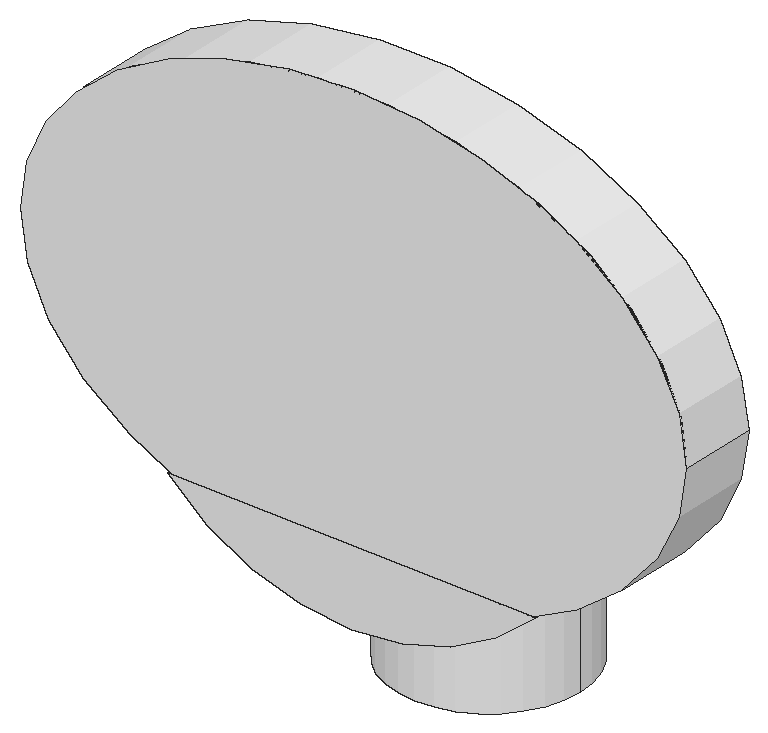
Revit family "Deca_Saboneteira Flex_2010.C.FLX_Parede", category Plumbing Fixtures, host Face, Revit 2010
Parameters (values of type "2010.C.FLX_Cromado CR10")
  Vendido Separadamente = ""
  Variações de COR = "Cromado (2010.C.FLX)"  # constant formula
  URL = "www.deca.com.br/produtos"
  Segmento = "Competitivo"  # constant formula
  Saboneteira = Deca CR10 Cromado
  Produto = "Saboneteira de parede Flex"  # constant formula
  Peso Liquido (Kg) = 0.24
  Norma = "ABNT NBR 10283: 2003"  # constant formula
  Model = Código  # "2010.C.FLX"
  Material = "Deca_Latão Cromado e Plástico de Engenharia"  # constant formula
  Manufacturer = "Deca"  # constant formula
  Louça/Metais = "Metal"  # constant formula
  Linha = "Flex"  # constant formula
  Informações Complementares = "Os parafusos e buchas que acompanham o produto devem ser utilzados apenas em paredes de concreto ou tijolo maciço. Para instalações em Drywall, consultar projetista ou engenheiro da obra."  # constant formula
  HWFU = 0
  Description = "Saboneteira de parede"  # constant formula
  Default Elevation = 800 mm
  Código = "2010.C.FLX"  # constant formula
  Criado por = "Contino/quattroD"  # constant formula
  Atendimento ao Cliente = "0800-0117073 "  # constant formula
  Assembly Code = "D2010"
  Aprovado por = "Contino/quattroD"  # constant formula
  Acompanha o Produto = ""
Reference planes
  plane 1 "Center (Front/Back)": y = 0
  plane 2: z = 0
  plane 3 "Center (Left/Right)": x = 0
  plane 4 "Front 1": z = 33.075
  plane 5 "Front 2": z = 126.656
  plane 6 "Right 1": x = 72.533
  plane 7 "Left 1": x = -72.598
  plane 8 "Top 1": y = 20
  plane 9 "Bottom 1": y = -36.672
Forms (mm)
  Extrusion 1, solid, material "Deca CR10 Cromado" <- "Saboneteira"
    sketch origin (0, 0, 0) x (1, 0, 0) y (0, 0, 1)
      loop
        spline (72.477, 78.04) -> (70.008, 90.562) -> (62.767, 102.23) -> (51.249, 112.25) -> (36.239, 119.938) -> (18.759, 124.771) -> (0, 126.42) -> (-18.759, 124.771) -> (-36.239, 119.938) -> (-51.249, 112.25) -> (-62.767, 102.23) -> (-70.008, 90.562) -> (-72.477, 78.04)
        spline (-72.477, 78.04) -> (-70.008, 65.519) -> (-62.767, 53.851) -> (-51.249, 43.831) -> (-36.239, 36.143) -> (-18.759, 31.31) -> (0, 29.661) -> (18.759, 31.31) -> (36.239, 36.143) -> (51.249, 43.831) -> (62.767, 53.851) -> (70.008, 65.519) -> (72.477, 78.04)
    from 20 to 36.672
  Extrusion 2, void
    sketch origin (0, 0, 0) x (1, 0, 0) y (0, 0, 1)
      loop
        circle (-12.108, 98.959) r 8.807
      loop
        circle (-36.059, 98.959) r 8.807
      loop
        circle (-48.056, 78.336) r 8.807
      loop
        circle (-24.016, 78.336) r 8.807
      loop
        circle (-12.038, 57.368) r 8.807
      loop
        circle (-36.08, 57.249) r 8.807
      loop
        circle (12.151, 57.305) r 8.807
      loop
        circle (24.028, 78.336) r 8.807
      loop
        circle (36.04, 98.959) r 8.807
      loop
        circle (12.223, 98.959) r 8.807
      loop
        circle (48.302, 78.336) r 8.807
      loop
        circle (36.216, 57.31) r 8.807
      loop
        circle (-0.074, 78.023) r 7.031
    from 20 to 21.079
  Extrusion 3, solid, material "Deca CR10 Cromado" <- "Saboneteira"
    sketch origin (0, 0, 0) x (1, 0, 0) y (0, 1, 0)
      loop
        circle (0, 0) r 20
    from 0 to 33.075
  Extrusion 4, solid, material "Deca CR10 Cromado" <- "Saboneteira"
    sketch origin (0, 0, 0) x (1, 0, 0) y (0, 0, 1)
      loop
        line (39.567, 37.503) -> (-40.433, 37.503)
        arc (-40.433, 37.503) -> (-0.433, 21.1) -> (39.567, 37.503) r 56.974
    from 22.087 to 36.672
Cuts and joins
  Extrusion 2 cuts Extrusion 1
Lines and regions (mm)
  Masking region 1
    outline origin (0, 0, 0) x (1, 0, 0) y (0, 1, 0)
      loop
        arc (7.228, -18.648) -> (0, 20) -> (-7.228, -18.648) r 20
        line (-7.228, -18.648) -> (-16.137, -18.648)
        arc (-16.137, -18.648) -> (-16.851, -18.702) -> (-17.564, -18.76) r 112.164
        line (-17.564, -18.76) -> (-30.588, -19.88)
        arc (-30.588, -19.88) -> (-32.604, -19.97) -> (-34.621, -20) r 67.964
        line (-34.621, -20) -> (-69.533, -20)
        arc (-69.533, -20) -> (-71.654, -20.879) -> (-72.533, -23) r 3
        line (-72.533, -23) -> (-72.533, -30.1)
        arc (-72.533, -30.1) -> (-71.406, -31.296) -> (-69.965, -32.086) r 5.265
        arc (-69.965, -32.086) -> (-66.038, -33.278) -> (-62.011, -34.069) r 40.774
        arc (-62.011, -34.069) -> (-50.278, -35.43) -> (-38.488, -36.127) r 209.529
        line (-38.488, -36.127) -> (-34.717, -36.244)
        arc (-34.717, -36.244) -> (-17.361, -36.619) -> (0, -36.672) r 935.873
        line (0, -36.672) -> (17.431, -36.565) -> (26.101, -36.431) -> (34.717, -36.244) -> (38.488, -36.127)
        arc (38.488, -36.127) -> (50.278, -35.43) -> (62.011, -34.069) r 209.529
        arc (62.011, -34.069) -> (66.038, -33.278) -> (69.965, -32.086) r 40.774
        arc (69.965, -32.086) -> (71.406, -31.296) -> (72.533, -30.1) r 5.265
        line (72.533, -30.1) -> (72.533, -23)
        arc (72.533, -23) -> (71.654, -20.879) -> (69.533, -20) r 3
        arc (69.533, -20) -> (50.06, -19.97) -> (30.588, -19.88) r 6332.819
        line (30.588, -19.88) -> (17.564, -18.76)
        arc (17.564, -18.76) -> (16.851, -18.702) -> (16.137, -18.648) r 112.164
        line (16.137, -18.648) -> (7.228, -18.648)
  Masking region 2
    outline origin (0, 0, 0) x (1, 0, 0) y (0, 0, 1)
      loop
        arc (39.467, 34.175) -> (72.526, 80.747) -> (34.773, 123.602) r 46
        arc (34.773, 123.602) -> (0.056, 126.715) -> (-34.661, 123.602) r 195.133
        arc (-34.661, 123.602) -> (-61.779, 107.827) -> (-72.477, 78.336) r 46
        arc (-72.477, 78.336) -> (-63.276, 50.734) -> (-39.353, 34.174) r 46
        arc (-39.353, 34.174) -> (-37.023, 33.433) -> (-34.732, 32.578) r 50
        arc (-34.732, 32.578) -> (-32.684, 31.703) -> (-30.677, 30.737) r 50
        line (-30.677, 30.737) -> (-19.944, 25.277) -> (-19.944, 0) -> (20.056, 0) -> (20.056, 25.277) -> (30.794, 30.74) -> (32.065, 31.364)
        arc (32.065, 31.364) -> (34.106, 32.275) -> (36.185, 33.094) r 50
        arc (36.185, 33.094) -> (37.817, 33.663) -> (39.467, 34.175) r 50
  Masking region 3
    outline origin (0, 0, 0) x (0, 1, 0) y (0, 0, 1)
      loop
        line (-20, 21.81) -> (-20, 0) -> (20, 0) -> (20, 33)
        arc (20, 33) -> (19.414, 34.414) -> (18, 35) r 2
        line (18, 35) -> (-18, 35)
        arc (-18, 35) -> (-19.037, 34.71) -> (-19.773, 33.925) r 2
        line (-19.773, 33.925) -> (-19.959, 35.096)
        arc (-19.959, 35.096) -> (-19.99, 35.502) -> (-20, 35.909) r 8
        line (-20, 35.909) -> (-20, 37.055) -> (-20, 120.65) -> (-20, 123.715)
        arc (-20, 123.715) -> (-20.879, 125.836) -> (-23, 126.715) r 3
        line (-23, 126.715) -> (-36.672, 126.715) -> (-36.244, 123.602) -> (-30.393, 81.084)
        arc (-30.393, 81.084) -> (-30.04, 77.637) -> (-29.927, 74.174) r 50
        line (-29.927, 74.174) -> (-30.003, 34.175) -> (-30.009, 30.74) -> (-30.03, 19.939) -> (-22.132, 20.63)
        arc (-22.132, 20.63) -> (-20.941, 20.994) -> (-20, 21.81) r 3
  symbolic lines
    curve 1: circle (0, 0, 0) r 18 normal (0, 0, 1)
    curve 2: line (34.717, -23, 0) -> (-34.717, -23, 0)
    curve 3: line (72.533, -23, 0) -> (34.717, -23, 0)
    curve 4: line (34.717, -36.244, 0) -> (34.717, -23, 0)
    curve 5: line (-34.717, -23, 0) -> (-34.717, -36.244, 0)
    curve 6: line (-34.717, -23, 0) -> (-72.533, -23, 0)
    curve 7: arc (-34.621, -20, 0) -> (-34.852, -21.489, 0) -> (-34.621, -22.978, 0) r 4.919
    curve 8: arc (34.717, -23, 0) -> (34.808, -21.439, 0) -> (34.275, -19.97, 0) r 3.87
    curve 9: line (-32.604, -19.97, 0) -> (34.275, -19.97, 0)
    curve 10: arc (33.705, 0, 117.697) -> (0.056, 0, 120.715) -> (-33.594, 0, 117.697) r 189.133
    curve 11: arc (-33.594, 0, 117.697) -> (-57.175, 0, 103.981) -> (-66.477, 0, 78.336) r 40
    curve 12: arc (-66.477, 0, 78.336) -> (-57.175, 0, 52.691) -> (-33.594, 0, 38.974) r 40
    curve 13: arc (-33.594, 0, 38.974) -> (0.056, 0, 35.956) -> (33.705, 0, 38.974) r 189.133
    curve 14: arc (33.705, 0, 38.974) -> (57.286, 0, 52.691) -> (66.589, 0, 78.336) r 40
    curve 15: arc (66.589, 0, 78.336) -> (57.286, 0, 103.981) -> (33.705, 0, 117.697) r 40
    curve 16: line (-19.944, 0, 25.277) -> (-19.944, 0, 33)
    curve 17: line (20.056, 0, 33) -> (20.056, 0, 25.277)
    curve 18: line (18.056, 0, 35) -> (-17.944, 0, 35)
    curve 19: arc (-17.944, 0, 35) -> (-19.358, 0, 34.414) -> (-19.944, 0, 33) r 2
    curve 20: arc (20.056, 0, 33) -> (19.47, 0, 34.414) -> (18.056, 0, 35) r 2
    curve 21: line (20.056, 0, 33) -> (-19.944, 0, 33)
    curve 22: line (33.706, 0, 48.868) -> (33.705, 0, 38.974)
    curve 23: line (33.705, 0, 78.336) -> (33.705, 0, 65.751)
    curve 24: line (33.706, 0, 90.467) -> (33.705, 0, 78.336)
    curve 25: line (33.705, 0, 78.336) -> (39.357, 0, 78.336)
    curve 26: line (57.109, 0, 78.336) -> (66.589, 0, 78.336)
    curve 27: line (-33.594, 0, 48.801) -> (-33.594, 0, 38.974)
    curve 28: line (-33.595, 0, 65.698) -> (-33.594, 0, 78.336)
    curve 29: line (-33.594, 0, 78.336) -> (-33.594, 0, 90.504)
    curve 30: line (-33.594, 0, 78.336) -> (-39.25, 0, 78.336)
    curve 31: line (-56.992, 0, 78.336) -> (-66.477, 0, 78.336)
    curve 32: line (-33.595, 0, 107.414) -> (-33.594, 0, 117.697)
    curve 33: line (33.705, 0, 107.451) -> (33.705, 0, 117.697)
    curve 34: circle (-36.059, 0, 98.959) r 8.807 normal (0, -1, 0)
    curve 35: circle (-12.108, 0, 98.959) r 8.807 normal (0, -1, 0)
    curve 36: circle (12.223, 0, 98.959) r 8.807 normal (0, -1, 0)
    curve 37: circle (36.04, 0, 98.959) r 8.807 normal (0, -1, 0)
    curve 38: circle (48.302, 0, 78.336) r 8.807 normal (0, -1, 0)
    curve 39: circle (24.028, 0, 78.336) r 8.807 normal (0, -1, 0)
    curve 40: circle (-0.074, 0, 78.023) r 7.031 normal (0, -1, 0)
    curve 41: circle (-24.016, 0, 78.336) r 8.807 normal (0, -1, 0)
    curve 42: circle (-48.056, 0, 78.336) r 8.807 normal (0, -1, 0)
    curve 43: circle (36.216, 0, 57.31) r 8.807 normal (0, -1, 0)
    curve 44: circle (12.151, 0, 57.305) r 8.807 normal (0, -1, 0)
    curve 45: circle (-12.038, 0, 57.368) r 8.807 normal (0, -1, 0)
    curve 46: circle (-36.08, 0, 57.249) r 8.807 normal (0, -1, 0)
    curve 47: line (0, 20, 33) -> (0, -19.658, 33)
    curve 48: arc (0, -18.769, 27.955) -> (0, -18.677, 24.741) -> (0, -20, 21.81) r 7.163
    curve 49: line (0, -18.769, 27.955) -> (0, -19.658, 33)
    curve 50: line (0, -21.727, 24.781) -> (0, -22.654, 30.637)
    curve 51: arc (0, -22.654, 30.637) -> (0, -22.969, 32.397) -> (0, -22.965, 34.185) r 10.012
    curve 52: line (0, -22.965, 34.185) -> (0, -22.965, 126.715)
    curve 53: line (0, -30.003, 34.175) -> (0, -23, 34.175)
    curve 54: line (0, -30.009, 30.74) -> (0, -22.656, 30.74)
    curve 55: arc (0, -20, 36.83) -> (0, -20.997, 34.934) -> (0, -23, 34.175) r 3.022
    curve 56: arc (0, -19.734, 33.662) -> (0, -20.59, 31.596) -> (0, -22.656, 30.74) r 2.923
    curve 57: arc (0, -21.727, 24.781) -> (0, -20.67, 23.408) -> (0, -20, 21.81) r 6.699
    curve 58: line (0, -21.727, 24.781) -> (0, -24.417, 21.21)
    curve 59: line (0, -24.417, 21.21) -> (0, -30.028, 20.726)
    curve 60: arc (0, -24.417, 21.21) -> (0, -23.336, 20.681) -> (0, -22.132, 20.63) r 2.937
Dimensions and locks
  plane 6 "Right 1" to plane 7 "Left 1" = 145.131 mm
  plane 5 "Front 2" to host face = 126.656 mm
  plane 9 "Bottom 1" to plane 8 "Top 1" = 56.672 mm  (x2)
  plane 7 "Left 1" to plane 6 "Right 1" = 145.131 mm
  plane 5 "Front 2" to plane 4 "Front 1" to plane 2 = 93.581 mm, 33.075 mm
  plane 5 "Front 2" to plane 2 = 126.656 mm
  aligned and locked: host face to plane 2
  aligned and locked: level to host face
